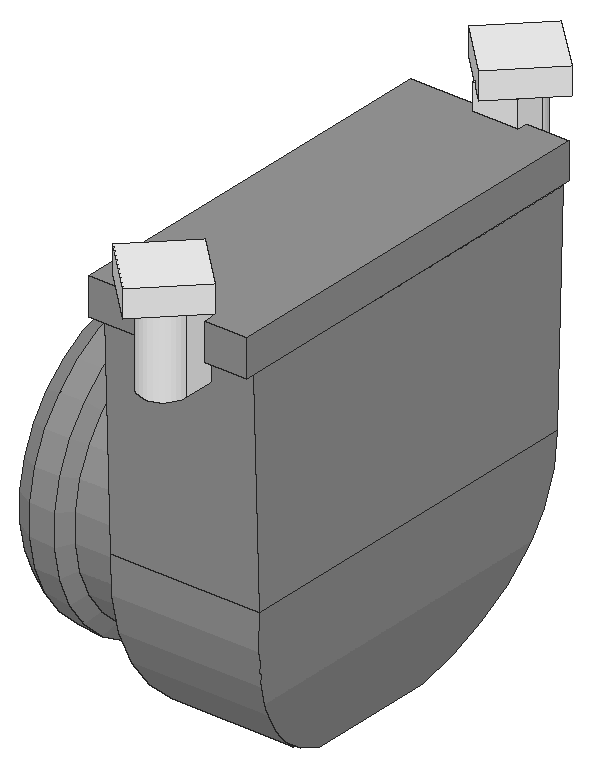
Revit family "HL_Затвор_HL710.0", category Příslušenství trubek, Revit 2016
Family settings
  Typ součásti = Zakončení
  Kóta kulaté spojky = Použít průměr
  Číslo OmniClass = 23.65.55.14.21
  Nadpis OmniClass = Non-Return Valves for Liquid Services
  Založené na pracovní rovině = Ne
  Vždy vertikální = Ano
  Ořezat dutým tvarem při načtení = Ne
  Sdílené = Ne
Parameters
  РАЗМЕР = "DN110"
  ПРОПУСКНАЯ СПОСОБНОСТЬ [instance] = 0.0 m³/h
  ПРАВОВАЯ ИНФОРМАЦИЯ = "\"Copyright (©), design rights or any other intellectual property rights, shall be the exclusive property of HL Hutterer & Lechner GmbH. Modification is not allowed. Family has been watermarked.\""
  ПАДЕНИЕ ДАВЛЕНИЯ [instance] = 0.0 Pa
  НОМИНАЛЬНЫЙ ДИАМЕТР = 110 mm
  МАТЕРИАЛ = "ABS"
  ВЫСОТА МОНТАЖА = "220 mm"
  ВЕС = "0,828 kg"
  Výrobce = "HL Hutterer & Lechner GmbH"
  URL = "http://www.hutterer-lechner.com/en/products/catalog/roof-drains/HL710.0.aspx"
  Description = "Anti flood valves"
  Model = "HL710.0"
  Type Comments = "anti-flood valve DN110 with stainless steel flap and socket for plastic pipes"
  Keynote = "HL710.0"
  EAN = "9003076971008"
  Cena = 0
Types (2, lengths in mm): name | ПРАВОВАЯ ИНФОРМАЦИЯ | URL | Description | Type Comments
  (no name) | "\"Copyright (©), design rights or any other intellectual property rights, shall be the exclusive property of HL Hutterer & Lechner GmbH. Modification is not allowed. Family has been watermarked.\"" | "http://www.hutterer-lechner.com/en/products/catalog/roof-drains/HL710.0.aspx" | "Anti flood valves" | "anti-flood valve DN110 with stainless steel flap and socket for plastic pipes"
  HL_Затвор_HL710.0 | "\"Авторские права(©), права на дизайн или какие либо другие права интелектуальной собственности являются исключительной собственностью компании HL Hutterer & Lechner. Изменению не подлежит. Файл семейства с данными о прозводителе изделия защищен паролем с водяным знаком.\"" | "http://www.hutterer-lechner.com/ru/products/catalog/roof-drains/HL710.0.aspx" | "Механический канализационный затвор" | "Затвор DN110 с заслонкой из нержавеющей стали и муфтой для труб из синтетического материала."
Reference planes
  plane 1 "Střed (vpředu/vzadu)": y = 0
  plane 2: z = 0
  plane 3 "Střed (vlevo/vpravo)": x = 0
Forms (mm)
  Sweep 1, solid, material "Plastic - Orange", detail levels fine
    path origin (40.75, 0, 107.14) x (-1, 0, 0) y (0, 0, 1)
      loop
        line (36.993, 0) -> (-28.883, 0)
    profile origin (36.695, 0, 107.14) x (0, 0, -1) y (0, 1, 0)
      loop
        line (0, -85.007) -> (95.534, -81.671)
        arc (95.534, -81.671) -> (182.983, 0.018) -> (95.585, 81.761) r 81.902
        line (95.585, 81.761) -> (0, 85.007) -> (0, -85.007)
  Extrusion 2, void
    sketch origin (40.75, 0, 107.14) x (-1, 0, 0) y (0, 0, 1)
      loop
        line (2.422, -177.91) -> (-12.578, -177.91)
        arc (-12.578, -177.91) -> (-24.244, -137.444) -> (-28.883, -95.585) r 247.575
        line (-28.883, -95.585) -> (-28.883, -185.878) -> (2.422, -185.878) -> (2.422, -177.91)
    from -110 to 110
  Extrusion 3, solid, material "Plactic - White", detail levels fine
    sketch origin (94.466, -0.284, 123.14) x (-1, 0, 0) y (0, -1, 0)
      loop
        line (54, -121.127) -> (76.627, -98.5) -> (54, -75.873) -> (31.373, -98.5) -> (54, -121.127)
    from 11.235 to 23.235
  Extrusion 4, solid, material "Plactic - White", detail levels fine
    sketch origin (94.466, -0.284, 134.375) x (0, -1, 0) y (-1, 0, 0)
      loop
        arc (-98.5, 64) -> (-108.5, 54) -> (-98.5, 44) r 10
        line (-98.5, 44) -> (-84.694, 44) -> (-84.694, 64) -> (-98.5, 64)
    from 0 to 37.235
  Extrusion 5, solid, material "Plactic - White", detail levels fine
    sketch origin (94.466, 0.284, 123.14) x (-1, 0, 0) y (0, -1, 0)
      loop
        line (54, 121.127) -> (31.373, 98.5) -> (54, 75.873) -> (76.627, 98.5) -> (54, 121.127)
    from 11.235 to 23.235
  Extrusion 6, solid, material "Plactic - White", detail levels fine
    sketch origin (94.466, 0.284, 134.375) x (0, -1, 0) y (-1, 0, 0)
      loop
        line (98.5, 64) -> (84.694, 64) -> (84.694, 44) -> (98.5, 44)
        arc (98.5, 44) -> (108.5, 54) -> (98.5, 64) r 10
    from 0 to 37.235
  Revolve 7, solid, material "Plastic - Orange", detail levels fine
    sketch origin (40.75, 0, 107.14) x (-1, 0, 0) y (0, 0, 1)
      loop
        line (95.117, -107.14) -> (95.117, -47.964) -> (86.336, -42.477) -> (74.648, -41.454) -> (70.988, -47.793) -> (36.993, -47.793) -> (36.993, -107.14) -> (95.117, -107.14)
      axis (95.117, -107.14) -> (36.993, -107.14)
    angle from 0 to 360
  Extrusion 8, solid, material "Plastic - Orange", detail levels fine
    sketch origin (3.757, -85.007, 107.14) x (1, 0, 0) y (0, 1, 0)
      loop
        line (-3.757, -3.743) -> (65.876, -3.743) -> (65.876, 173.757) -> (-3.757, 173.757) -> (-3.757, -3.743)
    from 0 to 16
Cuts and joins
  Extrusion 2 cuts Sweep 1
Lines and regions (mm)
  symbolic lines, style "Symbol", detail levels coarse+medium
    curve 1: line (0, -105, 0) -> (0, 105, 0)
    curve 2: circle (205, -0.5, 0) r 100 normal (0, 0, 1)
    curve 3: line (0, 0, 0) -> (105.001, 0, 0)
  model lines, style "Symbol", detail levels coarse+medium
    curve 4: line (0, 0, -105) -> (0, 0, 105)
    curve 5: line (0, 0, 0) -> (105, 0, 0)
    curve 6: circle (205, 0, 0) r 100 normal (0, -1, 0)
Dimensions and locks
  aligned and locked: level to plane 2
Connectors
  piping at (0, 0, 0), diameter 110, driven by "НОМИНАЛЬНЫЙ ДИАМЕТР", driven by "ПАДЕНИЕ ДАВЛЕНИЯ", driven by "ПРОПУСКНАЯ СПОСОБНОСТЬ"
    settings: on plane 3 "Střed (vlevo/vpravo)", index 1, connector inside diameter 609.6 mm, connector length 0 mm, flow factor 0, pipe flow 0.0 m³/h, pressure drop 0.0 Pa, fitting loss kfactor 0, connector angle 0.00°, fixture units 0, engagement length 0 mm, angle of deflection 0.00°, flow configuration 0, flow direction 0, fitting loss method 4, system type 16, joint type 0, gender type 0, connector reference index -1, connector utility 0, adjustable connector no, is connector primary yes, connector description ""
